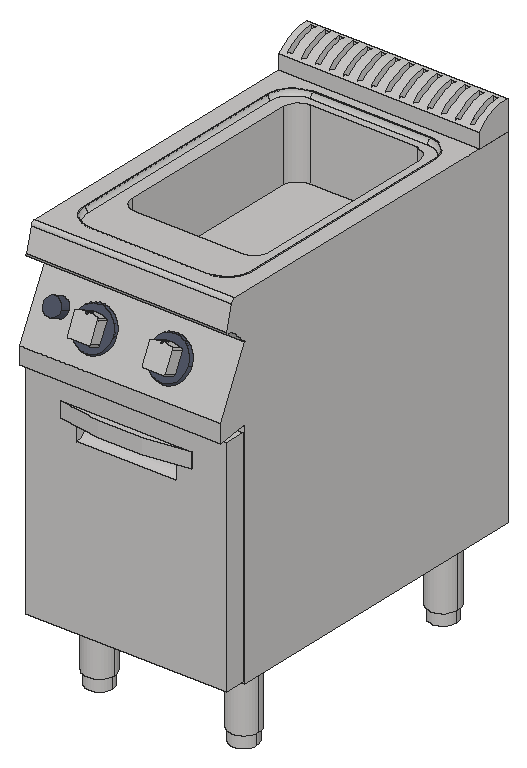
Revit family "QF_ZANUSSI_372090_Z7PCGD1KF0", category Specialty Equipment, Revit 2018
Family settings
  Round Connector Dimension = Use Diameter
  Part Type = Normal
  Work Plane-Based = No
  Always vertical = Yes
  Cut with Voids When Loaded = No
  Shared = No
  Room Calculation Point = No
Parameters
  Width = 400 mm  # constant formula
  Weight in Pounds = 110  # constant formula
  Weight = 0.00 kg
  Watts = 0 W
  Waste Water Discharge Temperature [instance] = -459.67 °F
  Volts = 0 V
  URL Manufacturer = "http://www.zanussiprofessional.com"
  URL Cutsheet = "www.electrolux.com/foodservice"
  URL = "http://www.zanussiprofessional.com"
  Type Mark [instance] = ""
  Steam Supply Size = 0"
  Steam Supply Minimum Pressure = 0.00 psi
  Steam Supply Maximum Pressure = 0.00 psi
  Steam Pounds per Hour = 0
  Status [instance] = ""
  Specification by User [instance] = ""
  Specification by Manufacturer = ""
  Show Logo [instance] = yes
  Show Clearance [instance] = yes
  Serial Number = ""
  Seismic Rating = ""
  SMACNA No = ""
  Revision Code [instance] = ""
  Refrigeration Suction Line Size = 0"
  Refrigeration Liquid Line Size = 0"
  Refrigerant Compressor Remote = yes
  Plumbing Remarks [instance] = ""
  Plumbing Connection Type [instance] = ""
  Phase = 0
  Omniclass Number and Title = ""
  NAFEM Spec ID Number = ""
  Model = "Z7PCGD1KF0"
  Mechanical Remarks [instance] = ""
  Mechanical Connection Type [instance] = ""
  Masterspec = ""
  Manufacturer = "Zanussi"
  Length Actual = 400 mm  # constant formula
  Item Number [instance] = "372090"
  Installed By [instance] = ""
  Indirect Waste Size = 1"  # constant formula
  Indirect Waste Flow [instance] = 0 GPM
  Indirect Waste Connection Type [instance] = ""
  Indirect Waste Connection Height = 0 mm
  Identify Quantity as Lot [instance] = yes
  Hot Water Size = 0"
  Height Actual = 850 mm  # constant formula
  Height = 333 mm  # constant formula
  HP = "0 HP"
  Gas Size = 1/2"
  Gas RI Height [instance] = 0 mm
  Gas KW [instance] = 11.5
  Gas Input [instance] = 0.336018 Btu/h
  Gas Connection Height = 0 mm
  Furnished By [instance] = ""
  Foodservice Equipment Identifier [instance] = yes
  Direct Waste Size = 1"
  Description = "1-WELL GAS PASTA COOKER 24,5 LT 400 MM"
  Depth Actual = 700 mm  # constant formula
  Depth = 715 mm  # constant formula
  Cycle = 0 Hz
  Condensate Return Size = 0"
  Compressed Air Volume = 0 GPM
  Compressed Air Size = 0"
  Compressed Air Pressure = 0.00 psi
  Cold Water Temperature Recommended [instance] = -459.67 °F
  Cold Water Size = 1/2"  # constant formula
  Cold Water RI Height [instance] = 0 mm
  Cold Water Minimum Pressure [instance] = 0.00 psi
  Cold Water Maximum Pressure [instance] = 0.00 psi
  Cold Water Flow [instance] = 0 GPM
  Cold Water Consumption [instance] = ""
  Cold Water Connection Height = 0 mm
  CSI MasterFormat = ""
  CSI Master Format = ""
  Base Height [instance] = 150 mm  # constant formula
  Accessory = yes
Reference planes
  plane 1 "BACK": y = 0
  plane 2: z = 0
  plane 3 "LEFT": x = 0
  plane 4 "RIGHT": x = 400
  plane 5 "FRONT": y = -715
  plane 6 "TOP": z = 908
  plane 7 "Center Y": x = 200
  plane 8 "Center X": y = -357.5
  plane 9 "BASE": z = 600
  plane 10 "TOP A": z = 850
  plane 11: y = -587.387
  plane 12: y = -90
  plane 13: z = 150
Forms (mm)
  Extrusion 1, solid, material "QF_Finishes_Stainless Steel"
    sketch origin (0, 0, 0) x (0, 1, 0) y (0, 0, 1)
      loop
        line (0, 850) -> (-679.358, 850)
        arc (-679.358, 850) -> (-684.643, 847.811) -> (-686.833, 842.526) r 7.474
        line (-686.833, 842.526) -> (-699.884, 797.011)
        arc (-699.884, 797.011) -> (-699.396, 794.379) -> (-697, 793.184) r 3
        line (-697, 793.184) -> (-686.802, 793.184) -> (-654.982, 761.364) -> (-715, 640.508) -> (-715, 605.508) -> (-658.645, 613.428)
        arc (-658.645, 613.428) -> (-656.101, 612.674) -> (-655, 610.259) r 3.2
        line (-655, 610.259) -> (-655, 150) -> (0, 150) -> (0, 850)
      loop
        line (-700, 600) -> (-700, 155) -> (-660, 155) -> (-660, 600) -> (-700, 600)
    from 0 to 400
  Extrusion 2, void
    sketch origin (0, 0, 850) x (-1, 0, 0) y (0, -1, 0)
      loop
        arc (-83.338, 90.124) -> (-47.982, 104.769) -> (-33.338, 140.124) r 50
        line (-33.338, 140.124) -> (-33.338, 595.265)
        arc (-33.338, 595.265) -> (-47.982, 630.62) -> (-83.338, 645.265) r 50
        line (-83.338, 645.265) -> (-316.662, 645.265)
        arc (-316.662, 645.265) -> (-352.018, 630.62) -> (-366.662, 595.265) r 50
        line (-366.662, 595.265) -> (-366.662, 140.124)
        arc (-366.662, 140.124) -> (-352.018, 104.769) -> (-316.662, 90.124) r 50
        line (-316.662, 90.124) -> (-83.338, 90.124)
    from 0 to -152.4
  Extrusion 3, solid, material "QF_Finishes_Clearance", visible <- "Show Clearance", detail levels coarse
    sketch origin (0, 0, 0) x (1, 0, 0) y (0, 1, 0)
      loop
        line (0, -715) -> (0, 0) -> (400, 0) -> (400, -715) -> (550.019, -715) -> (550.019, 150.019) -> (-150.019, 150.019) -> (-150.019, -715) -> (0, -715)
    from 0 to 908
  Revolve 4, solid, material "QF_Finishes_Stainless Steel"
    sketch origin (0, -587.387, 608.09) x (0, 0, 1) y (-1, 0, 0)
      loop
        line (-608.09, -56) -> (-458.09, -56) -> (-458.09, -26) -> (-583.09, -26) -> (-583.09, -29.75) -> (-608.09, -29.75) -> (-608.09, -56)
      axis (-608.09, -56) -> (-458.09, -56)
    angle from 0 to 360
  Revolve 5, solid, material "QF_Finishes_Stainless Steel"
    sketch origin (400.05, -587.387, 608.09) x (0, 0, 1) y (-1, 0, 0)
      loop
        line (-608.09, 56.05) -> (-608.09, 29.8) -> (-583.09, 29.8) -> (-583.09, 26.05) -> (-458.09, 26.05) -> (-458.09, 56.05) -> (-608.09, 56.05)
      axis (-608.09, 56.05) -> (-458.09, 56.05)
    angle from 0 to 360
  Revolve 6, solid, material "QF_Finishes_Stainless Steel"
    sketch origin (0, -90, 608.09) x (0, 0, 1) y (-1, 0, 0)
      loop
        line (-608.09, -56) -> (-458.09, -56) -> (-458.09, -26) -> (-583.09, -26) -> (-583.09, -29.75) -> (-608.09, -29.75) -> (-608.09, -56)
      axis (-608.09, -56) -> (-458.09, -56)
    angle from 0 to 360
  Revolve 7, solid, material "QF_Finishes_Stainless Steel"
    sketch origin (400.05, -90, 608.09) x (0, 0, 1) y (-1, 0, 0)
      loop
        line (-608.09, 56.05) -> (-608.09, 29.8) -> (-583.09, 29.8) -> (-583.09, 26.05) -> (-458.09, 26.05) -> (-458.09, 56.05) -> (-608.09, 56.05)
      axis (-608.09, 56.05) -> (-458.09, 56.05)
    angle from 0 to 360
  Extrusion 8, solid, material "QF_Finishes_Stainless Steel"
    sketch origin (-77.88, -4572, 150) x (-1, 0, 0) y (0, -1, 0)
      loop
        circle (-142.88, -4069) r 6.35
      loop
        circle (-309.855, -3991) r 12.7
    from 0 to -12.7
  Extrusion 9, solid, material "QF_Finishes_Stainless Steel"
    sketch origin (-77.88, -4572, 850) x (-1, 0, 0) y (0, -1, 0)
      loop
        line (-111.217, -4431.876) -> (-111.217, -3976.735)
        arc (-111.217, -3976.735) -> (-125.862, -3941.38) -> (-161.217, -3926.735) r 50
        line (-161.217, -3926.735) -> (-394.542, -3926.735)
        arc (-394.542, -3926.735) -> (-429.897, -3941.38) -> (-444.542, -3976.735) r 50
        line (-444.542, -3976.735) -> (-444.542, -4431.876)
        arc (-444.542, -4431.876) -> (-429.897, -4467.231) -> (-394.542, -4481.876) r 50
        line (-394.542, -4481.876) -> (-161.217, -4481.876)
        arc (-161.217, -4481.876) -> (-125.862, -4467.231) -> (-111.217, -4431.876) r 50
      loop
        arc (-414.542, -4431.876) -> (-405.755, -4453.089) -> (-384.542, -4461.876) r 30
        line (-384.542, -4461.876) -> (-171.217, -4461.876)
        arc (-171.217, -4461.876) -> (-150.004, -4453.089) -> (-141.217, -4431.876) r 30
        line (-141.217, -4431.876) -> (-141.217, -4056.735)
        arc (-141.217, -4056.735) -> (-150.004, -4035.522) -> (-171.217, -4026.735) r 30
        line (-171.217, -4026.735) -> (-384.542, -4026.735)
        arc (-384.542, -4026.735) -> (-405.755, -4035.522) -> (-414.542, -4056.735) r 30
        line (-414.542, -4056.735) -> (-414.542, -4431.876)
    from -12.7 to -152.4
  Sweep 10, solid, material "QF_Finishes_Stainless Steel"
    path origin (0, 0, 850) x (-1, 0, 0) y (0, -1, 0)
      loop
        line (-33.338, 140.124) -> (-33.338, 595.265)
        arc (-33.338, 595.265) -> (-47.982, 630.62) -> (-83.338, 645.265) r 50
        line (-83.338, 645.265) -> (-316.662, 645.265)
        arc (-316.662, 645.265) -> (-352.018, 630.62) -> (-366.662, 595.265) r 50
        line (-366.662, 595.265) -> (-366.662, 140.124)
        arc (-366.662, 140.124) -> (-352.018, 104.769) -> (-316.662, 90.124) r 50
        line (-316.662, 90.124) -> (-83.338, 90.124)
        arc (-83.338, 90.124) -> (-47.982, 104.769) -> (-33.338, 140.124) r 50
    profile origin (33.338, -367.694, 850) x (1, 0, 0) y (0, 0, 1)
      loop
        line (0, 0) -> (0, -10.84) -> (5.055, -10.84)
        arc (5.055, -10.84) -> (1.326, -5.98) -> (0, 0) r 14.151
  Extrusion 11, solid, material "QF_Finishes_Stainless Steel"
    sketch origin (0, 0, 0.762) x (0, 1, 0) y (0, 0, 1)
      loop
        line (0, 849.238) -> (0, 907.238)
        arc (0, 907.238) -> (-38.078, 899.879) -> (-69.85, 877.638) r 93.057
        line (-69.85, 877.638) -> (-69.85, 849.238) -> (0, 849.238)
    from 0 to 400.05
  Extrusion 12, void
    sketch origin (0, 0, 851) x (-1, 0, 0) y (0, -1, 0)
      loop
        line (-13.453, 6.761) -> (-13.453, 63.911) -> (-22.749, 63.911) -> (-22.749, 6.761) -> (-13.453, 6.761)
    from 25.4 to 63.5
  Extrusion 13, void
    sketch origin (400.05, 0, 851) x (1, 0, 0) y (0, 1, 0)
      loop
        line (-13.503, -6.761) -> (-22.799, -6.761) -> (-22.799, -63.911) -> (-13.503, -63.911) -> (-13.503, -6.761)
    from 25.4 to 63.5
  Extrusion 14, void
    sketch origin (27.988, 0, 851) x (-1, 0, 0) y (0, -1, 0)
      loop
        line (-13.453, 6.761) -> (-13.453, 63.911) -> (-22.749, 63.911) -> (-22.749, 6.761) -> (-13.453, 6.761)
    from 25.4 to 63.5
  Extrusion 15, void
    sketch origin (55.977, 0, 851) x (-1, 0, 0) y (0, -1, 0)
      loop
        line (-13.453, 6.761) -> (-13.453, 63.911) -> (-22.749, 63.911) -> (-22.749, 6.761) -> (-13.453, 6.761)
    from 25.4 to 63.5
  Extrusion 16, void
    sketch origin (83.965, 0, 851) x (-1, 0, 0) y (0, -1, 0)
      loop
        line (-13.428, 6.761) -> (-13.428, 63.911) -> (-22.724, 63.911) -> (-22.724, 6.761) -> (-13.428, 6.761)
    from 25.4 to 63.5
  Extrusion 17, void
    sketch origin (111.953, 0, 851) x (-1, 0, 0) y (0, -1, 0)
      loop
        line (-13.428, 6.761) -> (-13.428, 63.911) -> (-22.724, 63.911) -> (-22.724, 6.761) -> (-13.428, 6.761)
    from 25.4 to 63.5
  Extrusion 18, void
    sketch origin (139.942, 0, 851) x (-1, 0, 0) y (0, -1, 0)
      loop
        line (-13.428, 6.761) -> (-13.428, 63.911) -> (-22.724, 63.911) -> (-22.724, 6.761) -> (-13.428, 6.761)
    from 25.4 to 63.5
  Extrusion 19, void
    sketch origin (167.93, 0, 851) x (-1, 0, 0) y (0, -1, 0)
      loop
        line (-13.428, 6.761) -> (-13.428, 63.911) -> (-22.724, 63.911) -> (-22.724, 6.761) -> (-13.428, 6.761)
    from 25.4 to 63.5
  Extrusion 20, void
    sketch origin (195.918, 0, 851) x (-1, 0, 0) y (0, -1, 0)
      loop
        line (-13.428, 6.761) -> (-13.428, 63.911) -> (-22.724, 63.911) -> (-22.724, 6.761) -> (-13.428, 6.761)
    from 25.4 to 63.5
  Extrusion 21, void
    sketch origin (223.907, 0, 851) x (-1, 0, 0) y (0, -1, 0)
      loop
        line (-13.428, 6.761) -> (-13.428, 63.911) -> (-22.724, 63.911) -> (-22.724, 6.761) -> (-13.428, 6.761)
    from 25.4 to 63.5
  Extrusion 22, void
    sketch origin (251.895, 0, 851) x (-1, 0, 0) y (0, -1, 0)
      loop
        line (-13.428, 6.761) -> (-13.428, 63.911) -> (-22.724, 63.911) -> (-22.724, 6.761) -> (-13.428, 6.761)
    from 25.4 to 63.5
  Extrusion 23, void
    sketch origin (279.884, 0, 851) x (-1, 0, 0) y (0, -1, 0)
      loop
        line (-13.403, 6.761) -> (-13.403, 63.911) -> (-22.699, 63.911) -> (-22.699, 6.761) -> (-13.403, 6.761)
    from 25.4 to 63.5
  Extrusion 24, void
    sketch origin (307.872, 0, 851) x (-1, 0, 0) y (0, -1, 0)
      loop
        line (-13.403, 6.761) -> (-13.403, 63.911) -> (-22.699, 63.911) -> (-22.699, 6.761) -> (-13.403, 6.761)
    from 25.4 to 63.5
  Extrusion 25, void
    sketch origin (335.86, 0, 851) x (-1, 0, 0) y (0, -1, 0)
      loop
        line (-13.403, 6.761) -> (-13.403, 63.911) -> (-22.699, 63.911) -> (-22.699, 6.761) -> (-13.403, 6.761)
    from 25.4 to 63.5
  Extrusion 26, solid, material "QF_Finishes_Stainless Steel"
    sketch origin (-77.88, -4572, 150) x (-1, 0, 0) y (0, -1, 0)
      loop
        circle (-412.88, -4071) r 6.35
    from 50 to 48.4
  Extrusion 27, solid, material "QF_Plastic-Black-Matte"
    sketch origin (67.5, -684.991, 700.936) x (0, 0.444781, 0.895639) y (0, 0.895639, -0.444781)
      loop
        line (26.984, -34) -> (23.984, -34) -> (23.984, -35) -> (26.984, -35)
        arc (26.984, -35) -> (27.691, -34.707) -> (27.984, -34) r 1
        line (27.984, -34) -> (27.984, -19) -> (26.984, -19) -> (26.984, -34)
    from -58.5 to -56.5
  Extrusion 28, solid, material "QF_Finishes_Stainless Steel"
    sketch origin (125, -684.991, 700.936) x (-1, 0, 0) y (0, -0.444781, -0.895639)
      loop
        line (17.5, -17.5) -> (17.5, 17.5) -> (-17.5, 17.5) -> (-17.5, -17.5) -> (17.5, -17.5)
    from 5 to 10
  Extrusion 29, solid, material "QF_Finishes_Stainless Steel"
    sketch origin (125, -684.991, 700.936) x (-1, 0, 0) y (0, -0.444781, -0.895639)
      loop
        arc (-21.147, -22.789) -> (0, -26.984) -> (21.147, -22.789) r 55.4
        arc (21.147, -22.789) -> (22.494, -21.685) -> (23, -20.019) r 2.997
        line (23, -20.019) -> (23, 20.019)
        arc (23, 20.019) -> (22.122, 22.138) -> (20.003, 23.016) r 2.997
        line (20.003, 23.016) -> (-20.003, 23.016)
        arc (-20.003, 23.016) -> (-22.122, 22.138) -> (-23, 20.019) r 2.997
        line (-23, 20.019) -> (-23, -20.019)
        arc (-23, -20.019) -> (-22.494, -21.685) -> (-21.147, -22.789) r 2.997
    from 10 to 34
  Blend 30, solid, material "QF_Finishes_Navy Blue"
    base sketch origin (125, -684.991, 700.936) x (1, 0, 0) y (0, 0.444781, 0.895639)
      loop
        circle (0, 0) r 42.5
    top sketch origin (125, -684.991, 700.936) x (1, 0, 0) y (0, 0.444781, 0.895639)
      loop
        circle (0, 0) r 40.5
    from 0 to 5
  Extrusion 31, solid, material "QF_Finishes_Navy Blue"
    sketch origin (107.51, -679.639, 711.713) x (1, 0, 0) y (0, 0.444781, 0.895639)
      loop
        circle (-55.001, 0) r 18
    from 3 to 23
  Extrusion 32, solid, material "QF_Finishes_Stainless Steel"
    sketch origin (-31.491, -679.639, 711.713) x (1, 0, 0) y (0, 0.444781, 0.895639)
      loop
        circle (84, 0) r 15
    from 3 to 0
  Extrusion 33, solid, material "QF_Plastic-Black-Matte"
    sketch origin (217.5, -684.991, 700.936) x (0, 0.444781, 0.895639) y (0, 0.895639, -0.444781)
      loop
        line (26.984, -34) -> (23.984, -34) -> (23.984, -35) -> (26.984, -35)
        arc (26.984, -35) -> (27.691, -34.707) -> (27.984, -34) r 1
        line (27.984, -34) -> (27.984, -19) -> (26.984, -19) -> (26.984, -34)
    from -58.5 to -56.5
  Extrusion 34, solid, material "QF_Finishes_Stainless Steel"
    sketch origin (275, -684.991, 700.936) x (-1, 0, 0) y (0, -0.444781, -0.895639)
      loop
        line (17.5, -17.5) -> (17.5, 17.5) -> (-17.5, 17.5) -> (-17.5, -17.5) -> (17.5, -17.5)
    from 5 to 10
  Extrusion 35, solid, material "QF_Finishes_Stainless Steel"
    sketch origin (275, -684.991, 700.936) x (-1, 0, 0) y (0, -0.444781, -0.895639)
      loop
        arc (-21.147, -22.789) -> (0, -26.984) -> (21.147, -22.789) r 55.4
        arc (21.147, -22.789) -> (22.494, -21.685) -> (23, -20.019) r 2.997
        line (23, -20.019) -> (23, 20.019)
        arc (23, 20.019) -> (22.122, 22.138) -> (20.003, 23.016) r 2.997
        line (20.003, 23.016) -> (-20.003, 23.016)
        arc (-20.003, 23.016) -> (-22.122, 22.138) -> (-23, 20.019) r 2.997
        line (-23, 20.019) -> (-23, -20.019)
        arc (-23, -20.019) -> (-22.494, -21.685) -> (-21.147, -22.789) r 2.997
    from 10 to 34
  Blend 36, solid, material "QF_Finishes_Navy Blue"
    base sketch origin (275, -684.991, 700.936) x (1, 0, 0) y (0, 0.444781, 0.895639)
      loop
        circle (0, 0) r 42.5
    top sketch origin (275, -684.991, 700.936) x (1, 0, 0) y (0, 0.444781, 0.895639)
      loop
        circle (0, 0) r 40.5
    from 0 to 5
  Extrusion 37, solid, material "QF_Finishes_Door Clearance", visible <- "Show Clearance", detail levels coarse
    sketch origin (0, 0, 850) x (-1, 0, 0) y (0, -1, 0)
      loop
        arc (0, 672.137) -> (-117.157, 954.98) -> (-400, 1072.137) r 400
        line (-400, 1072.137) -> (-400, 672.137) -> (0, 672.137)
    from -695 to -250
  Extrusion 38, solid, material "QF_Finishes_Stainless Steel"
    sketch origin (-77.88, -4572, 130) x (-1, 0, 0) y (0, -1, 0)
      loop
        arc (-147.606, -3871.085) -> (-277.88, -3857) -> (-408.153, -3871.085) r 609.497
        line (-408.153, -3871.085) -> (-408.153, -3872) -> (-147.606, -3872) -> (-147.606, -3871.085)
    from 400 to 430
  Extrusion 39, void
    sketch origin (200, -27.863, -20) x (0, 1, 0) y (0, 0, 1)
      loop
        line (-672.137, 567) -> (-672.137, 517)
        arc (-672.137, 517) -> (-656.47, 524.721) -> (-650.137, 541) r 24.091
        line (-650.137, 541) -> (-650.137, 567) -> (-672.137, 567)
    from -100 to 100
Cuts and joins
  Extrusion 2, Extrusion 39 cuts Extrusion 1
  Extrusion 12, Extrusion 13, Extrusion 14, Extrusion 15, Extrusion 16, Extrusion 17, Extrusion 18, Extrusion 19, Extrusion 20, Extrusion 21, Extrusion 22, Extrusion 23, Extrusion 24, Extrusion 25 cuts Extrusion 3
  Extrusion 12, Extrusion 13, Extrusion 14, Extrusion 15, Extrusion 16, Extrusion 17, Extrusion 18, Extrusion 19, Extrusion 20, Extrusion 21, Extrusion 22, Extrusion 23, Extrusion 24, Extrusion 25 cuts Extrusion 11
Lines and regions (mm)
  Split face 1
    outline origin (125, -689.469, 703.16) x (1, 0, 0) y (0, 0.444781, 0.895639)
      loop
        circle (0, 34.714) r 1.714
  Split face 2
    outline origin (125, -689.469, 703.16) x (1, 0, 0) y (0, 0.444781, 0.895639)
      loop
        circle (-17.357, 30.063) r 2
  Split face 3
    outline origin (125, -689.469, 703.16) x (1, 0, 0) y (0, 0.444781, 0.895639)
      loop
        circle (17.357, 30.063) r 2
  Split face 4
    outline origin (125, -689.469, 703.16) x (1, 0, 0) y (0, 0.444781, 0.895639)
      loop
        line (-23.985, -28.584) -> (-20.542, -24.481)
        arc (-20.542, -24.481) -> (-27.511, -15.911) -> (-31.231, -5.511) r 32.719
        line (-31.231, -5.511) -> (-37.141, -6.549)
        arc (-37.141, -6.549) -> (-32.568, -18.764) -> (-23.985, -28.584) r 36.411
  Split face 5
    outline origin (125, -689.469, 703.16) x (1, 0, 0) y (0, 0.444781, 0.895639)
      loop
        arc (20.441, -26.163) -> (0.211, -32.559) -> (-19.689, -25.201) r 32.719
        line (-19.689, -25.201) -> (-22.952, -29.377)
        arc (-22.952, -29.377) -> (-0.277, -36.495) -> (21.959, -28.107) r 36.411
        line (21.959, -28.107) -> (20.441, -26.163)
  Split face 6
    outline origin (125, -689.469, 703.16) x (1, 0, 0) y (0, 0.444781, 0.895639)
      loop
        line (21.361, -25.457) -> (22.903, -27.295)
        arc (22.903, -27.295) -> (31.935, -14.958) -> (35.104, 0) r 36.411
        line (35.104, 0) -> (33.714, 0)
        arc (33.714, 0) -> (30.431, -14.133) -> (21.361, -25.457) r 32.719
  Split face 7
    outline origin (125, -689.469, 703.16) x (1, 0, 0) y (0, 0.444781, 0.895639)
      loop
        arc (-37.695, 1.149) -> (-34.899, -3.19) -> (-31.619, 0.795) r 3.195
        line (-31.619, 0.795) -> (-32.379, 3.751)
        arc (-32.379, 3.751) -> (-34.462, 5.448) -> (-36.693, 3.952) r 2.258
        line (-36.693, 3.952) -> (-37.695, 1.149)
  Split face 8
    outline origin (275, -689.469, 703.16) x (1, 0, 0) y (0, 0.444781, 0.895639)
      loop
        arc (-0.521, 36.501) -> (-26.491, 26.394) -> (-37.708, 0.884) r 36.411
        line (-37.708, 0.884) -> (-31.708, 0.884)
        arc (-31.708, 0.884) -> (-21.998, 23.844) -> (-0.521, 36.501) r 39.733
  symbolic lines, style "QF-Clearances", visible <- "Show Clearance", detail levels coarse
    curve 1: line (-150.019, 150.019, 850) -> (-150.019, -716.377, 850)
    curve 2: line (550.019, 150.019, 850) -> (-150.019, 150.019, 850)
    curve 3: line (550.019, -716.377, 850) -> (550.019, 150.019, 850)
  symbolic lines
    curve 4: line (0, 0, 850) -> (400, 0, 850)
    curve 5: line (0, -715, 850) -> (0, 0, 850)
    curve 6: line (400, 0, 850) -> (400, -715, 850)
    curve 7: line (0, -69.85, 850) -> (0, -63.012, 850)
    curve 10: line (93.313, -110.124, 850) -> (306.663, -110.124, 850)
    curve 11: arc (306.663, -110.124, 850) -> (327.876, -118.911, 850) -> (336.663, -140.124, 850) r 30
    curve 12: line (336.663, -140.124, 850) -> (336.663, -515.265, 850)
    curve 13: arc (336.663, -515.265, 850) -> (327.876, -536.478, 850) -> (306.663, -545.265, 850) r 30
    curve 14: arc (93.338, -545.265, 850) -> (72.124, -536.478, 850) -> (63.338, -515.265, 850) r 30
    curve 15: line (63.338, -515.265, 850) -> (63.338, -140.099, 850)
    curve 16: arc (63.338, -140.099, 850) -> (72.117, -118.904, 850) -> (93.313, -110.124, 850) r 29.975
    curve 17: arc (83.313, -95.179, 850) -> (51.549, -108.336, 850) -> (38.392, -140.099, 850) r 44.92
    curve 18: line (38.392, -140.099, 850) -> (38.392, -595.265, 850)
    curve 19: arc (38.392, -595.265, 850) -> (51.556, -627.046, 850) -> (83.338, -640.21, 850) r 44.945
    curve 20: arc (316.663, -640.21, 850) -> (348.444, -627.046, 850) -> (361.608, -595.265, 850) r 44.945
    curve 21: line (361.608, -595.265, 850) -> (361.608, -140.124, 850)
    curve 22: arc (361.608, -140.124, 850) -> (348.444, -108.343, 850) -> (316.663, -95.179, 850) r 44.945
    curve 23: arc (83.313, -90.124, 850) -> (47.975, -104.761, 850) -> (33.338, -140.099, 850) r 49.975
    curve 24: line (33.338, -140.099, 850) -> (33.338, -595.265, 850)
    curve 25: arc (33.338, -595.265, 850) -> (47.982, -630.62, 850) -> (83.338, -645.265, 850) r 50
    curve 26: arc (316.663, -645.265, 850) -> (352.018, -630.62, 850) -> (366.663, -595.265, 850) r 50
    curve 27: line (366.663, -595.265, 850) -> (366.663, -140.124, 850)
    curve 28: arc (366.663, -140.124, 850) -> (352.018, -104.769, 850) -> (316.663, -90.124, 850) r 50
    curve 29: line (316.663, -90.124, 850) -> (79.418, -90.124, 850)
    curve 30: line (83.338, -645.265, 850) -> (316.663, -645.265, 850)
    curve 31: line (83.338, -640.21, 850) -> (316.663, -640.21, 850)
    curve 32: line (306.663, -545.265, 850) -> (93.338, -545.265, 850)
    curve 33: line (316.663, -95.179, 850) -> (83.313, -95.179, 850)
    curve 34: line (0, -69.85, 850) -> (400, -69.85, 850)
    curve 35: line (22.724, -6.761, 850) -> (22.724, -63.911, 850)
    curve 36: line (22.724, -63.911, 850) -> (13.428, -63.911, 850)
    curve 37: line (13.428, -63.911, 850) -> (13.428, -6.761, 850)
    curve 38: line (13.428, -6.761, 850) -> (22.724, -6.761, 850)
    curve 39: line (386.547, -6.761, 850) -> (386.547, -63.911, 850)
    curve 40: line (386.547, -63.911, 850) -> (377.251, -63.911, 850)
    curve 41: line (377.251, -63.911, 850) -> (377.251, -6.761, 850)
    curve 42: line (377.251, -6.761, 850) -> (386.547, -6.761, 850)
    curve 43: line (50.712, -6.761, 850) -> (50.712, -63.911, 850)
    curve 44: line (50.712, -63.911, 850) -> (41.416, -63.911, 850)
    curve 45: line (41.416, -63.911, 850) -> (41.416, -6.761, 850)
    curve 46: line (41.416, -6.761, 850) -> (50.712, -6.761, 850)
    curve 47: line (78.7, -6.761, 850) -> (78.7, -63.911, 850)
    curve 48: line (78.7, -63.911, 850) -> (69.405, -63.911, 850)
    curve 49: line (69.405, -63.911, 850) -> (69.405, -6.761, 850)
    curve 50: line (69.405, -6.761, 850) -> (78.7, -6.761, 850)
    curve 51: line (106.689, -6.761, 850) -> (106.689, -63.911, 850)
    curve 52: line (106.689, -63.911, 850) -> (97.393, -63.911, 850)
    curve 53: line (97.393, -63.911, 850) -> (97.393, -6.761, 850)
    curve 54: line (97.393, -6.761, 850) -> (106.689, -6.761, 850)
    curve 55: line (134.677, -6.761, 850) -> (134.677, -63.911, 850)
    curve 56: line (134.677, -63.911, 850) -> (125.381, -63.911, 850)
    curve 57: line (125.381, -63.911, 850) -> (125.381, -6.761, 850)
    curve 58: line (125.381, -6.761, 850) -> (134.677, -6.761, 850)
    curve 59: line (162.665, -6.761, 850) -> (162.665, -63.911, 850)
    curve 60: line (162.665, -63.911, 850) -> (153.37, -63.911, 850)
    curve 61: line (153.37, -63.911, 850) -> (153.37, -6.761, 850)
    curve 62: line (153.37, -6.761, 850) -> (162.665, -6.761, 850)
    curve 63: line (190.654, -6.761, 850) -> (190.654, -63.911, 850)
    curve 64: line (190.654, -63.911, 850) -> (181.358, -63.911, 850)
    curve 65: line (181.358, -63.911, 850) -> (181.358, -6.761, 850)
    curve 66: line (181.358, -6.761, 850) -> (190.654, -6.761, 850)
    curve 67: line (218.642, -6.761, 850) -> (218.642, -63.911, 850)
    curve 68: line (218.642, -63.911, 850) -> (209.346, -63.911, 850)
    curve 69: line (209.346, -63.911, 850) -> (209.346, -6.761, 850)
    curve 70: line (209.346, -6.761, 850) -> (218.642, -6.761, 850)
    curve 71: line (246.605, -6.761, 850) -> (246.605, -63.911, 850)
    curve 72: line (246.605, -63.911, 850) -> (237.31, -63.911, 850)
    curve 73: line (237.31, -63.911, 850) -> (237.31, -6.761, 850)
    curve 74: line (237.31, -6.761, 850) -> (246.605, -6.761, 850)
    curve 75: line (274.594, -6.761, 850) -> (274.594, -63.911, 850)
    curve 76: line (274.594, -63.911, 850) -> (265.298, -63.911, 850)
    curve 77: line (265.298, -63.911, 850) -> (265.298, -6.761, 850)
    curve 78: line (265.298, -6.761, 850) -> (274.594, -6.761, 850)
    curve 79: line (302.582, -6.761, 850) -> (302.582, -63.911, 850)
    curve 80: line (302.582, -63.911, 850) -> (293.286, -63.911, 850)
    curve 81: line (293.286, -63.911, 850) -> (293.286, -6.761, 850)
    curve 82: line (293.286, -6.761, 850) -> (302.582, -6.761, 850)
    curve 83: line (330.57, -6.761, 850) -> (330.57, -63.911, 850)
    curve 84: line (330.57, -63.911, 850) -> (321.275, -63.911, 850)
    curve 85: line (321.275, -63.911, 850) -> (321.275, -6.761, 850)
    curve 86: line (321.275, -6.761, 850) -> (330.57, -6.761, 850)
    curve 87: line (358.559, -6.761, 850) -> (358.559, -63.911, 850)
    curve 88: line (358.559, -63.911, 850) -> (349.263, -63.911, 850)
    curve 89: line (349.263, -63.911, 850) -> (349.263, -6.761, 850)
    curve 90: line (349.263, -6.761, 850) -> (358.559, -6.761, 850)
    curve 91: line (0, -700, 0) -> (400.05, -700, 0)
    curve 92: line (102, -700, 0) -> (102, -724.347, 0)
    curve 93: arc (102, -724.347, 0) -> (102.146, -724.811, 0) -> (102.532, -725.107, 0) r 0.809
    curve 94: arc (102.532, -725.107, 0) -> (103.72, -725.587, 0) -> (104.997, -725.68, 0) r 4.127
    curve 95: arc (102, -704.292, 0) -> (96.959, -702.458, 0) -> (92.191, -700, 0) r 42.24
    curve 96: arc (102, -706.539, 0) -> (102.502, -705.818, 0) -> (103.299, -705.448, 0) r 1.682
    curve 97: arc (103.299, -705.448, 0) -> (113.602, -703.95, 0) -> (124, -703.441, 0) r 109.079
    curve 98: line (124, -700, 0) -> (124, -705.671, 0)
    curve 99: line (124, -705.671, 0) -> (126, -705.671, 0)
    curve 100: line (126, -705.671, 0) -> (126, -700, 0)
    curve 101: line (148, -700, 0) -> (148, -724.347, 0)
    curve 102: arc (148, -724.347, 0) -> (147.854, -724.811, 0) -> (147.468, -725.107, 0) r 0.809
    curve 103: arc (147.468, -725.107, 0) -> (146.28, -725.587, 0) -> (145.003, -725.68, 0) r 4.127
    curve 104: arc (148, -704.292, 0) -> (153.041, -702.458, 0) -> (157.809, -700, 0) r 42.24
    curve 105: arc (148, -706.539, 0) -> (147.498, -705.818, 0) -> (146.701, -705.448, 0) r 1.682
    curve 106: arc (146.701, -705.448, 0) -> (136.398, -703.95, 0) -> (126, -703.441, 0) r 109.079
    curve 107: line (104.997, -725.68, 0) -> (145.003, -725.68, 0)
    curve 108: line (298, -700, 0) -> (298, -724.347, 0)
    curve 109: arc (298, -724.347, 0) -> (297.854, -724.811, 0) -> (297.468, -725.107, 0) r 0.809
    curve 110: arc (297.468, -725.107, 0) -> (296.28, -725.587, 0) -> (295.003, -725.68, 0) r 4.127
    curve 111: arc (298, -704.292, 0) -> (303.041, -702.458, 0) -> (307.809, -700, 0) r 42.24
    curve 112: arc (298, -706.539, 0) -> (297.498, -705.818, 0) -> (296.701, -705.448, 0) r 1.682
    curve 113: arc (296.701, -705.448, 0) -> (286.398, -703.95, 0) -> (276, -703.441, 0) r 109.079
    curve 114: line (276, -700, 0) -> (276, -705.671, 0)
    curve 115: line (276, -705.671, 0) -> (274, -705.671, 0)
    curve 116: line (274, -705.671, 0) -> (274, -700, 0)
    curve 117: line (252, -700, 0) -> (252, -724.347, 0)
    curve 118: arc (252, -724.347, 0) -> (252.146, -724.811, 0) -> (252.532, -725.107, 0) r 0.809
    curve 119: arc (252.532, -725.107, 0) -> (253.72, -725.587, 0) -> (254.997, -725.68, 0) r 4.127
    curve 120: arc (252, -704.292, 0) -> (246.959, -702.458, 0) -> (242.191, -700, 0) r 42.24
    curve 121: arc (252, -706.539, 0) -> (252.502, -705.818, 0) -> (253.299, -705.448, 0) r 1.682
    curve 122: arc (253.299, -705.448, 0) -> (263.602, -703.95, 0) -> (274, -703.441, 0) r 109.079
    curve 123: line (295.003, -725.68, 0) -> (254.997, -725.68, 0)
    curve 124: line (148, -715, 0) -> (252, -715, 0)
    curve 125: line (298, -715, 0) -> (400.05, -715, 0)
    curve 126: line (0, -715, 0) -> (102, -715, 0)
    curve 127: spline (34.509, -700.239, 850) -> (35.123, -702.311, 850) -> (36.921, -704.242, 850) -> (39.781, -705.9, 850) -> (43.509, -707.172, 850) -> (47.851, -707.972, 850) -> (52.509, -708.245, 850) -> (57.168, -707.972, 850) -> (61.509, -707.172, 850) -> (65.237, -705.9, 850) -> (68.098, -704.242, 850) -> (69.896, -702.311, 850) -> (70.509, -700.239, 850)
  symbolic lines, style "QF-Door Swings"
    curve 8: arc (2.303, -715, 850) -> (19.743, -796.254, 850) -> (53.597, -872.15, 850) r 400
    curve 9: line (53.597, -872.15, 850) -> (325.76, -715, 850)
Dimensions and locks
  equal spacing: plane 3 "LEFT", plane 7 "Center Y", plane 4 "RIGHT"
  "Width": plane 3 "LEFT" to plane 4 "RIGHT"
  equal spacing: plane 5 "FRONT", plane 8 "Center X", plane 1 "BACK"
  "Depth": plane 5 "FRONT" to plane 1 "BACK"
  plane 1 "BACK" to plane 5 "FRONT" = 715 mm
  plane 10 "TOP A" to plane 9 "BASE" = 250 mm
  "Base Height": plane 13 to level
  plane 10 "TOP A" to plane 13 = 700 mm
  Extrusion 8 sketch curve to plane 1 "BACK" = 503 mm
  plane 3 "LEFT" to Extrusion 8 sketch curve = 65 mm
  Extrusion 8 sketch curve to plane 1 "BACK" = 581 mm
  Extrusion 26 sketch curve to plane 1 "BACK" = 501 mm
  plane 9 "BASE" to plane 13 = 450 mm
  plane 6 "TOP" to plane 10 "TOP A" = 58 mm
  aligned and locked: level to plane 2
  aligned and locked: plane 4 "RIGHT" to Extrusion 1
  aligned and locked: plane 6 "TOP" to Extrusion 3
Automatic sketch dimensions
  plane 11 to Extrusion 2 sketch curve = 7.877 mm
  Extrusion 2 sketch curve to plane 4 "RIGHT" = 33.337 mm
  plane 11 to Extrusion 2 sketch curve = 57.877 mm
  plane 12 to Extrusion 2 sketch curve = 0.124 mm
  Extrusion 2 sketch curve to Extrusion 2 sketch curve = 50 mm
  plane 3 "LEFT" to Extrusion 2 sketch curve = 83.338 mm  (x2)
  plane 3 "LEFT" to Extrusion 2 sketch curve = 33.338 mm
  plane 1 "BACK" to Extrusion 3 sketch curve = 0 mm
  Extrusion 3 sketch curve to plane 3 "LEFT" = 0 mm
  Extrusion 3 sketch curve to plane 4 "RIGHT" = 0 mm
  Extrusion 3 sketch curve to plane 3 "LEFT" = 150.019 mm
  plane 5 "FRONT" to Extrusion 3 sketch curve = 0 mm  (x2)
  plane 4 "RIGHT" to Extrusion 3 sketch curve = 150.019 mm
  Extrusion 3 sketch curve to plane 1 "BACK" = 150.019 mm
  Revolve 4 sketch curve to level = 0 mm
  Revolve 4 sketch curve to plane 13 = 0 mm  (x2)
  level to Revolve 4 sketch curve = 25 mm
  Revolve 4 sketch curve to Revolve 4 sketch curve = 20 mm
  plane 3 "LEFT" to Revolve 4 sketch curve = 56 mm
  Revolve 4 sketch curve to Revolve 4 sketch curve = 0 mm
  plane 3 "LEFT" to Revolve 4 sketch curve = 29.75 mm
  plane 3 "LEFT" to Revolve 4 sketch curve = 26 mm
  Revolve 5 sketch curve to level = 0 mm
  Revolve 5 sketch curve to plane 13 = 0 mm  (x2)
  level to Revolve 5 sketch curve = 25 mm
  Revolve 5 sketch curve to Revolve 5 sketch curve = 20 mm
  Revolve 5 sketch curve to plane 4 "RIGHT" = 26 mm
  Revolve 5 sketch curve to Revolve 5 sketch curve = 3.75 mm
  Revolve 5 sketch curve to Revolve 5 sketch curve = 30 mm
  Revolve 5 sketch curve to Revolve 5 sketch curve = 0 mm
  Revolve 6 sketch curve to level = 0 mm
  Revolve 6 sketch curve to plane 13 = 0 mm  (x2)
  level to Revolve 6 sketch curve = 25 mm
  Revolve 6 sketch curve to Revolve 6 sketch curve = 20 mm
  plane 3 "LEFT" to Revolve 6 sketch curve = 56 mm
  Revolve 6 sketch curve to Revolve 6 sketch curve = 0 mm
  plane 3 "LEFT" to Revolve 6 sketch curve = 29.75 mm
  plane 3 "LEFT" to Revolve 6 sketch curve = 26 mm
  Revolve 7 sketch curve to level = 0 mm
  Revolve 7 sketch curve to plane 13 = 0 mm  (x2)
  level to Revolve 7 sketch curve = 25 mm
  Revolve 7 sketch curve to Revolve 7 sketch curve = 20 mm
  Revolve 7 sketch curve to plane 4 "RIGHT" = 26 mm
  Revolve 7 sketch curve to Revolve 7 sketch curve = 3.75 mm
  Revolve 7 sketch curve to Revolve 7 sketch curve = 30 mm
  Revolve 7 sketch curve to Revolve 7 sketch curve = 0 mm
  Extrusion 9 sketch curve to plane 4 "RIGHT" = 33.337 mm
  Extrusion 9 sketch curve to plane 4 "RIGHT" = 63.337 mm
  Extrusion 9 sketch curve to Extrusion 9 sketch curve = 20 mm
  plane 11 to Extrusion 9 sketch curve = 7.877 mm
  Extrusion 9 sketch curve to Extrusion 9 sketch curve = 50 mm
  Extrusion 9 sketch curve to Extrusion 9 sketch curve = 30 mm  (x3)
  Extrusion 9 sketch curve to Extrusion 9 sketch curve = 10 mm  (x2)
  Extrusion 9 sketch curve to plane 11 = 42.123 mm
  plane 3 "LEFT" to Extrusion 9 sketch curve = 93.338 mm  (x2)
  plane 12 to Extrusion 9 sketch curve = 50.124 mm
  plane 3 "LEFT" to Extrusion 9 sketch curve = 83.338 mm
  plane 12 to Extrusion 9 sketch curve = 0.124 mm
  plane 11 to Sweep 10 sketch curve = 7.877 mm  (x2)
  Sweep 10 sketch curve to plane 4 "RIGHT" = 33.337 mm
  plane 11 to Sweep 10 sketch curve = 57.877 mm
  plane 12 to Sweep 10 sketch curve = 0.124 mm
  Sweep 10 sketch curve to Sweep 10 sketch curve = 50 mm  (x2)
  plane 3 "LEFT" to Sweep 10 sketch curve = 83.338 mm
  profile plane to Sweep 10 sketch curve = 0 mm
  Sweep 10 sketch curve to plane 10 "TOP A" = 0 mm
  Sweep 10 sketch curve to profile plane = 5.055 mm
  Sweep 10 sketch curve to profile plane = 14.151 mm
  Extrusion 11 sketch curve to plane 10 "TOP A" = 0 mm
  Extrusion 11 sketch curve to plane 1 "BACK" = 0 mm
  plane 1 "BACK" to Extrusion 11 sketch curve = 1.769 mm
  Extrusion 11 sketch curve to plane 12 = 20.15 mm
  Extrusion 11 sketch curve to plane 10 "TOP A" = 35.04 mm
  plane 10 "TOP A" to Extrusion 11 sketch curve = 28.4 mm
  plane 1 "BACK" to Extrusion 12 sketch curve = 6.761 mm
  plane 3 "LEFT" to Extrusion 12 sketch curve = 22.749 mm
  Extrusion 12 sketch curve to Extrusion 12 sketch curve = 9.296 mm
  Extrusion 12 sketch curve to plane 12 = 26.089 mm
  Extrusion 13 sketch curve to plane 1 "BACK" = 6.761 mm
  plane 4 "RIGHT" to Extrusion 13 sketch curve = 22.749 mm
  Extrusion 13 sketch curve to Extrusion 13 sketch curve = 9.296 mm
  plane 12 to Extrusion 13 sketch curve = 26.089 mm
  plane 1 "BACK" to Extrusion 14 sketch curve = 6.761 mm
  plane 3 "LEFT" to Extrusion 14 sketch curve = 50.737 mm
  Extrusion 14 sketch curve to Extrusion 14 sketch curve = 9.296 mm
  Extrusion 14 sketch curve to plane 12 = 26.089 mm
  plane 1 "BACK" to Extrusion 15 sketch curve = 6.761 mm
  plane 3 "LEFT" to Extrusion 15 sketch curve = 78.725 mm
  Extrusion 15 sketch curve to Extrusion 15 sketch curve = 9.296 mm
  Extrusion 15 sketch curve to plane 12 = 26.089 mm
  plane 1 "BACK" to Extrusion 16 sketch curve = 6.761 mm
  Extrusion 16 sketch curve to plane 7 "Center Y" = 93.311 mm
  Extrusion 16 sketch curve to Extrusion 16 sketch curve = 9.296 mm
  Extrusion 16 sketch curve to plane 12 = 26.089 mm
  plane 1 "BACK" to Extrusion 17 sketch curve = 6.761 mm
  Extrusion 17 sketch curve to plane 7 "Center Y" = 65.323 mm
  Extrusion 17 sketch curve to Extrusion 17 sketch curve = 9.296 mm
  Extrusion 17 sketch curve to plane 12 = 26.089 mm
  plane 1 "BACK" to Extrusion 18 sketch curve = 6.761 mm
  Extrusion 18 sketch curve to plane 7 "Center Y" = 37.335 mm
  Extrusion 18 sketch curve to Extrusion 18 sketch curve = 9.296 mm
  Extrusion 18 sketch curve to plane 12 = 26.089 mm
  Extrusion 19 sketch curve to plane 7 "Center Y" = 9.346 mm
  Extrusion 19 sketch curve to Extrusion 19 sketch curve = 9.296 mm
  plane 1 "BACK" to Extrusion 19 sketch curve = 6.761 mm
  Extrusion 19 sketch curve to plane 12 = 26.089 mm
  plane 1 "BACK" to Extrusion 20 sketch curve = 6.761 mm
  plane 7 "Center Y" to Extrusion 20 sketch curve = 18.642 mm
  Extrusion 20 sketch curve to Extrusion 20 sketch curve = 9.296 mm
  Extrusion 20 sketch curve to plane 12 = 26.089 mm
  plane 1 "BACK" to Extrusion 21 sketch curve = 6.761 mm
  plane 7 "Center Y" to Extrusion 21 sketch curve = 46.63 mm
  Extrusion 21 sketch curve to Extrusion 21 sketch curve = 9.296 mm
  Extrusion 21 sketch curve to plane 12 = 26.089 mm
  plane 1 "BACK" to Extrusion 22 sketch curve = 6.761 mm
  plane 7 "Center Y" to Extrusion 22 sketch curve = 74.619 mm
  Extrusion 22 sketch curve to Extrusion 22 sketch curve = 9.296 mm
  Extrusion 22 sketch curve to plane 12 = 26.089 mm
  plane 1 "BACK" to Extrusion 23 sketch curve = 6.761 mm
  Extrusion 23 sketch curve to plane 4 "RIGHT" = 97.418 mm
  Extrusion 23 sketch curve to Extrusion 23 sketch curve = 9.296 mm
  Extrusion 23 sketch curve to plane 12 = 26.089 mm
  plane 1 "BACK" to Extrusion 24 sketch curve = 6.761 mm
  Extrusion 24 sketch curve to plane 4 "RIGHT" = 69.43 mm
  Extrusion 24 sketch curve to Extrusion 24 sketch curve = 9.296 mm
  Extrusion 24 sketch curve to plane 12 = 26.089 mm
  plane 1 "BACK" to Extrusion 25 sketch curve = 6.761 mm
  Extrusion 25 sketch curve to plane 4 "RIGHT" = 41.441 mm
  Extrusion 25 sketch curve to Extrusion 25 sketch curve = 9.296 mm
  Extrusion 25 sketch curve to plane 12 = 26.089 mm
  plane 7 "Center Y" to Extrusion 8 sketch curve = 31.975 mm
  Extrusion 26 sketch curve to plane 4 "RIGHT" = 58.65 mm
  Extrusion 26 sketch curve to Extrusion 26 sketch curve = 6.35 mm
  plane 11 to Extrusion 1 sketch curve = 127.612 mm
  plane 11 to Extrusion 1 sketch curve = 112.613 mm
  Extrusion 1 sketch curve to plane 6 "TOP" = 110.989 mm
  plane 11 to Extrusion 1 sketch curve = 112.496 mm
  Extrusion 1 sketch curve to Extrusion 1 sketch curve = 2.884 mm
  Extrusion 1 sketch curve to Extrusion 1 sketch curve = 13.051 mm
  Extrusion 1 sketch curve to plane 6 "TOP" = 114.816 mm
  Extrusion 1 sketch curve to Extrusion 1 sketch curve = 10.198 mm
  Extrusion 1 sketch curve to Extrusion 1 sketch curve = 7.474 mm
  Extrusion 1 sketch curve to Extrusion 1 sketch curve = 40 mm
  Extrusion 1 sketch curve to Extrusion 1 sketch curve = 1.355 mm
  Extrusion 1 sketch curve to Extrusion 1 sketch curve = 0.445 mm
  Extrusion 1 sketch curve to Extrusion 1 sketch curve = 5 mm  (x2)
  Extrusion 1 sketch curve to plane 6 "TOP" = 146.636 mm
  Extrusion 1 sketch curve to Extrusion 1 sketch curve = 31.82 mm
  Extrusion 1 sketch curve to plane 1 "BACK" = 0 mm
  Extrusion 1 sketch curve to plane 10 "TOP A" = 209.492 mm
  Extrusion 1 sketch curve to Extrusion 1 sketch curve = 27.08 mm
  Extrusion 1 sketch curve to Extrusion 1 sketch curve = 35 mm
  Extrusion 1 sketch curve to Extrusion 1 sketch curve = 10.259 mm
  plane 13 to Extrusion 1 sketch curve = 5 mm
  Extrusion 1 sketch curve to Extrusion 1 sketch curve = 46.342 mm
  Extrusion 27 sketch curve to plane 5 "FRONT" = 9.329 mm
  Extrusion 27 sketch curve to plane 10 "TOP A" = 112.016 mm
  Extrusion 27 sketch curve to Extrusion 27 sketch curve = 3 mm
  Extrusion 27 sketch curve to Extrusion 27 sketch curve = 0 mm
  Extrusion 27 sketch curve to Extrusion 27 sketch curve = 1 mm  (x2)
  Extrusion 27 sketch curve to Extrusion 27 sketch curve = 15 mm
  plane 3 "LEFT" to Extrusion 28 sketch curve = 142.5 mm
  plane 3 "LEFT" to Extrusion 28 sketch curve = 107.5 mm
  Extrusion 28 sketch curve to Extrusion 28 sketch curve = 35 mm
  plane 3 "LEFT" to Extrusion 29 sketch curve = 125 mm
  plane 3 "LEFT" to Extrusion 29 sketch curve = 145.003 mm  (x2)
  Extrusion 29 sketch curve to Extrusion 29 sketch curve = 2.997 mm  (x2)
  plane 3 "LEFT" to Extrusion 29 sketch curve = 104.997 mm  (x2)
  Extrusion 29 sketch curve to Extrusion 29 sketch curve = 0 mm  (x2)
  Extrusion 29 sketch curve to Extrusion 29 sketch curve = 40.037 mm
  Extrusion 29 sketch curve to Extrusion 29 sketch curve = 5.399 mm
  plane 3 "LEFT" to Blend 30 sketch curve = 125 mm  (x2)
  Split face 4 sketch curve to Split face 4 sketch curve = 5.909 mm
  Split face 4 sketch curve to Split face 4 sketch curve = 7.246 mm
  Split face 4 sketch curve to Split face 4 sketch curve = 3.443 mm
  Split face 4 sketch curve to Split face 4 sketch curve = 29.925 mm
  Split face 4 sketch curve to Split face 4 sketch curve = 2.301 mm
  Split face 4 sketch curve to Split face 4 sketch curve = 4.103 mm
  Split face 4 sketch curve to Split face 4 sketch curve = 17.932 mm
  Split face 4 sketch curve to Split face 4 sketch curve = 1.038 mm
  Split face 5 sketch curve to Split face 5 sketch curve = 3.262 mm
  Split face 5 sketch curve to Split face 5 sketch curve = 18.383 mm
  Split face 5 sketch curve to Split face 5 sketch curve = 2.301 mm
  Split face 5 sketch curve to Split face 5 sketch curve = 19.446 mm
  Split face 5 sketch curve to Split face 5 sketch curve = 1.519 mm
  Split face 5 sketch curve to Split face 5 sketch curve = 1.27 mm
  Split face 5 sketch curve to Split face 5 sketch curve = 1.944 mm
  Split face 5 sketch curve to Split face 5 sketch curve = 4.176 mm
  Split face 6 sketch curve to Split face 6 sketch curve = 2.301 mm
  Split face 6 sketch curve to Split face 6 sketch curve = 20.366 mm
  Split face 6 sketch curve to Split face 6 sketch curve = 1.542 mm
  Split face 6 sketch curve to Split face 6 sketch curve = 12.353 mm
  Split face 6 sketch curve to Split face 6 sketch curve = 1.391 mm
  Split face 6 sketch curve to Split face 6 sketch curve = 1.838 mm
  Split face 6 sketch curve to Split face 6 sketch curve = 25.358 mm
  Split face 7 sketch curve to Split face 7 sketch curve = 1.002 mm
  Split face 7 sketch curve to Split face 7 sketch curve = 2.982 mm
  Split face 7 sketch curve to Split face 7 sketch curve = 2.127 mm
  Split face 7 sketch curve to Split face 7 sketch curve = 2.188 mm
  Split face 7 sketch curve to Split face 7 sketch curve = 0.76 mm
  Split face 7 sketch curve to Split face 7 sketch curve = 0.795 mm
  Split face 7 sketch curve to Split face 7 sketch curve = 3.192 mm
  Split face 7 sketch curve to Split face 7 sketch curve = 0.559 mm
  plane 3 "LEFT" to Extrusion 31 sketch curve = 52.509 mm
  plane 3 "LEFT" to Extrusion 32 sketch curve = 52.509 mm
  Extrusion 33 sketch curve to plane 5 "FRONT" = 9.329 mm
  Extrusion 33 sketch curve to plane 10 "TOP A" = 112.016 mm
  Extrusion 33 sketch curve to Extrusion 33 sketch curve = 3 mm
  Extrusion 33 sketch curve to Extrusion 33 sketch curve = 0 mm
  Extrusion 33 sketch curve to Extrusion 33 sketch curve = 1 mm  (x2)
  Extrusion 33 sketch curve to Extrusion 33 sketch curve = 15 mm
  plane 7 "Center Y" to Extrusion 34 sketch curve = 92.5 mm
  Extrusion 34 sketch curve to Extrusion 34 sketch curve = 35 mm  (x2)
  plane 7 "Center Y" to Extrusion 35 sketch curve = 98 mm
  Extrusion 35 sketch curve to Extrusion 35 sketch curve = 2.997 mm  (x3)
  Extrusion 35 sketch curve to Extrusion 35 sketch curve = 20.003 mm  (x2)
  Extrusion 35 sketch curve to Extrusion 35 sketch curve = 40.005 mm
  Extrusion 35 sketch curve to Extrusion 35 sketch curve = 0 mm  (x2)
  Extrusion 35 sketch curve to Extrusion 35 sketch curve = 40.037 mm
  Extrusion 35 sketch curve to Extrusion 35 sketch curve = 5.399 mm
  plane 7 "Center Y" to Blend 36 sketch curve = 75 mm  (x2)
  Split face 8 sketch curve to Split face 8 sketch curve = 6 mm
  Split face 8 sketch curve to Split face 8 sketch curve = 30.402 mm
  Split face 8 sketch curve to Split face 8 sketch curve = 9.201 mm
  Split face 8 sketch curve to Split face 8 sketch curve = 2.43 mm
  Split face 8 sketch curve to Split face 8 sketch curve = 0.785 mm
  Extrusion 37 sketch curve to plane 4 "RIGHT" = 0 mm
  Extrusion 37 sketch curve to plane 3 "LEFT" = 0 mm
  Extrusion 37 sketch curve to plane 5 "FRONT" = 42.863 mm
  Extrusion 38 sketch curve to plane 7 "Center Y" = 0 mm
  Extrusion 38 sketch curve to plane 5 "FRONT" = 15 mm
  Extrusion 38 sketch curve to plane 4 "RIGHT" = 69.727 mm
  plane 3 "LEFT" to Extrusion 38 sketch curve = 69.727 mm
  plane 12 to Extrusion 38 sketch curve = 15.503 mm
  Extrusion 38 sketch curve to Extrusion 38 sketch curve = 0.915 mm
  Extrusion 39 sketch curve to plane 5 "FRONT" = 12.909 mm
  Extrusion 39 sketch curve to plane 5 "FRONT" = 15 mm
  Extrusion 39 sketch curve to Extrusion 39 sketch curve = 22 mm
  Extrusion 39 sketch curve to plane 9 "BASE" = 103 mm
  Extrusion 39 sketch curve to Extrusion 39 sketch curve = 26 mm
  curve 126 to plane 3 "LEFT" = 0 mm
  curve 91 to plane 3 "LEFT" = 0 mm
  curve 93 to curve 96 = 0.774 mm
  curve 93 to curve 94 = 1.846 mm
  curve 96 to curve 95 = 10.309 mm
  curve 97 to curve 106 = 1.738 mm
  curve 95 to curve 104 = 22.215 mm
  curve 103 to plane 7 "Center Y" = 54.654 mm
  curve 103 to curve 105 = 1.071 mm
  curve 103 to curve 102 = 1.846 mm
  plane 7 "Center Y" to curve 118 = 52.809 mm
  curve 118 to curve 121 = 0.774 mm
  curve 118 to curve 119 = 1.846 mm
  curve 121 to curve 120 = 10.309 mm
  plane 7 "Center Y" to curve 122 = 74.131 mm
  curve 122 to curve 113 = 1.738 mm
  curve 120 to curve 111 = 22.215 mm
  curve 110 to curve 112 = 1.071 mm
  plane 5 "FRONT" to curve 97 = 97.519 mm
  curve 97 to curve 106 = 0 mm
  curve 106 to curve 113 = 0 mm
  curve 122 to curve 113 = 0 mm
  curve 93 to curve 102 = 0 mm
  curve 118 to curve 109 = 0 mm
  curve 110 to curve 112 = 14.462 mm
  curve 103 to curve 105 = 14.462 mm
  curve 95 to curve 104 = 0 mm
  curve 120 to curve 111 = 0 mm
  curve 95 to curve 96 = 11.392 mm
  curve 93 to curve 93 = 0.809 mm
  curve 93 to curve 93 = 0.277 mm
  curve 96 to curve 96 = 0.284 mm
  curve 93 to curve 94 = 2.465 mm
  curve 96 to curve 98 = 20.417 mm
  curve 98 to curve 100 = 2 mm
  curve 107 to curve 102 = 2.189 mm
  curve 105 to curve 106 = 0.284 mm
  curve 102 to curve 102 = 0.277 mm
  curve 106 to curve 104 = 1.299 mm
  curve 101 to curve 104 = 9.809 mm
  curve 120 to curve 121 = 11.392 mm
  curve 117 to curve 118 = 0.809 mm
  curve 118 to curve 118 = 0.277 mm
  curve 122 to curve 121 = 0.284 mm
  curve 119 to curve 119 = 2.465 mm
  curve 121 to curve 122 = 20.417 mm
  curve 116 to curve 114 = 2 mm
  curve 110 to curve 109 = 2.189 mm
  curve 112 to curve 113 = 0.284 mm
  curve 109 to curve 109 = 0.277 mm
  curve 113 to curve 111 = 1.299 mm
  curve 108 to curve 111 = 9.809 mm
  plane 4 "RIGHT" to curve 91 = 0.05 mm
  plane 4 "RIGHT" to curve 125 = 0.05 mm
  curve 103 to curve 102 = 0.573 mm
  curve 119 to curve 118 = 0.573 mm
  curve 110 to curve 109 = 0.573 mm
  curve 94 to curve 126 = 6.567 mm
  curve 103 to curve 124 = 6.567 mm
  curve 108 to curve 125 = 9.347 mm
  curve 105 to curve 105 = 0.567 mm
  curve 121 to curve 121 = 0.567 mm
  curve 96 to curve 96 = 0.567 mm
  curve 112 to curve 112 = 0.567 mm
  curve 105 to curve 100 = 1.435 mm
  curve 121 to curve 116 = 1.435 mm
  curve 106 to curve 104 = 1.156 mm
  curve 122 to curve 120 = 1.156 mm
  curve 97 to curve 95 = 1.156 mm
  curve 113 to curve 111 = 1.156 mm
  curve 97 to curve 98 = 3.441 mm
  curve 104 to curve 101 = 4.292 mm
  curve 120 to curve 117 = 4.292 mm
  curve 111 to curve 108 = 4.292 mm
  curve 122 to curve 116 = 3.441 mm
  curve 95 to curve 92 = 4.292 mm
  curve 17 to curve 23 = 0 mm  (x2)
  curve 19 to curve 25 = 0 mm  (x2)
  curve 20 to curve 26 = 0 mm  (x2)
  curve 22 to curve 28 = 0 mm
  curve 8 to plane 4 "RIGHT" = 0 mm
  curve 34 to plane 4 "RIGHT" = 0 mm
  plane 5 "FRONT" to curve 9 = 0 mm
  plane 5 "FRONT" to curve 8 = 0 mm
  curve 34 to plane 3 "LEFT" = 0 mm
  curve 7 to plane 3 "LEFT" = 0 mm
  plane 1 "BACK" to curve 5 = 0 mm
  plane 5 "FRONT" to curve 6 = 0 mm
  plane 5 "FRONT" to curve 5 = 0 mm
  plane 4 "RIGHT" to curve 3 = 150.019 mm
  curve 39 to plane 4 "RIGHT" = 13.453 mm
  curve 39 to curve 42 = 9.296 mm
  plane 11 to curve 27 = 7.877 mm
  curve 27 to plane 4 "RIGHT" = 33.337 mm
  curve 26 to curve 21 = 5.055 mm
  curve 40 to curve 88 = 18.693 mm
  curve 87 to curve 89 = 9.296 mm
  curve 12 to plane 4 "RIGHT" = 63.337 mm
  curve 88 to curve 84 = 18.693 mm
  curve 83 to curve 84 = 9.296 mm
  curve 20 to curve 20 = 44.945 mm
  plane 12 to curve 29 = 0.124 mm
  curve 84 to curve 29 = 4.612 mm
  curve 13 to curve 32 = 30 mm
  curve 22 to curve 10 = 10 mm
  curve 84 to curve 79 = 18.693 mm
  curve 79 to curve 82 = 9.296 mm
  plane 1 "BACK" to curve 75 = 6.761 mm
  curve 81 to curve 75 = 18.693 mm
  curve 75 to curve 76 = 9.296 mm
  plane 1 "BACK" to curve 74 = 6.761 mm
  curve 77 to curve 74 = 18.693 mm
  curve 71 to curve 74 = 9.296 mm
  plane 1 "BACK" to curve 67 = 6.761 mm
  plane 7 "Center Y" to curve 67 = 18.642 mm
  curve 67 to curve 68 = 9.296 mm
  curve 66 to plane 7 "Center Y" = 9.346 mm
  curve 63 to curve 66 = 9.296 mm
  curve 64 to curve 60 = 18.693 mm
  curve 59 to curve 61 = 9.296 mm
  plane 1 "BACK" to curve 55 = 6.761 mm
  curve 61 to curve 55 = 18.693 mm
  curve 55 to curve 57 = 9.296 mm
  plane 1 "BACK" to curve 51 = 6.761 mm
  curve 57 to curve 51 = 18.693 mm
  curve 51 to curve 53 = 9.296 mm
  curve 32 to plane 11 = 42.123 mm
  plane 3 "LEFT" to curve 32 = 93.338 mm
  curve 52 to curve 16 = 4.08 mm
  plane 3 "LEFT" to curve 31 = 83.338 mm
  curve 16 to curve 33 = 10 mm
  curve 52 to curve 48 = 18.693 mm
  curve 47 to curve 49 = 9.296 mm
  curve 14 to curve 15 = 30 mm
  plane 3 "LEFT" to curve 9 = 53.597 mm
  curve 48 to curve 44 = 18.693 mm
  curve 43 to curve 45 = 9.296 mm
  curve 16 to curve 18 = 24.945 mm
  plane 1 "BACK" to curve 35 = 6.761 mm
  curve 45 to curve 35 = 18.693 mm
  curve 35 to curve 36 = 9.296 mm
  curve 1 to plane 3 "LEFT" = 150.019 mm
  curve 2 to plane 1 "BACK" = 150.019 mm
  plane 1 "BACK" to curve 89 = 6.761 mm
  plane 1 "BACK" to curve 50 = 6.761 mm
  plane 1 "BACK" to curve 86 = 6.761 mm
  plane 1 "BACK" to curve 46 = 6.761 mm
  plane 1 "BACK" to curve 82 = 6.761 mm
  plane 1 "BACK" to curve 42 = 6.761 mm
  plane 1 "BACK" to curve 59 = 6.761 mm
  plane 1 "BACK" to curve 66 = 6.761 mm
  curve 64 to plane 12 = 26.089 mm
  curve 67 to plane 12 = 26.089 mm
  curve 61 to plane 12 = 26.089 mm
  curve 71 to plane 12 = 26.089 mm
  curve 57 to plane 12 = 26.089 mm
  curve 35 to plane 12 = 26.089 mm
  curve 75 to plane 12 = 26.089 mm
  curve 39 to plane 12 = 26.089 mm
  curve 79 to plane 12 = 26.089 mm
  curve 43 to plane 12 = 26.089 mm
  curve 83 to plane 12 = 26.089 mm
  curve 47 to plane 12 = 26.089 mm
  curve 87 to curve 40 = 0 mm
  curve 51 to curve 56 = 0 mm
  curve 33 to curve 10 = 14.945 mm
  curve 8 to plane 5 "FRONT" = 42.863 mm
  plane 5 "FRONT" to curve 9 = 157.15 mm
  curve 9 to curve 26 = 9.097 mm
  curve 23 to curve 29 = 3.895 mm
  curve 7 to curve 36 = 0.898 mm
  curve 7 to curve 34 = 6.838 mm
  curve 7 to curve 34 = 0 mm
  plane 5 "FRONT" to curve 3 = 1.377 mm
  plane 5 "FRONT" to curve 1 = 1.377 mm
  radius of Extrusion 8 sketch curve = 6.35 mm
  radius of Extrusion 8 sketch curve = 12.7 mm
  radius of Blend 30 sketch curve = 42.5 mm
  radius of Blend 30 sketch curve = 40.5 mm
  radius of Split face 1 sketch curve = 1.714 mm
  radius of Split face 2 sketch curve = 2 mm
  radius of Split face 3 sketch curve = 2 mm
  radius of Extrusion 31 sketch curve = 18 mm
  radius of Extrusion 32 sketch curve = 15 mm
  radius of Blend 36 sketch curve = 42.5 mm
  radius of Blend 36 sketch curve = 40.5 mm
Connectors
  piping at (231.975, -581, 137.3), diameter 25.4
    settings: on Extrusion 8, index 2, connector inside diameter 1", connector length 0 mm, flow factor 0, pipe flow 0 GPM, pressure drop 0.00 psi, fitting loss kfactor 0, connector angle 0.00°, fixture units 0, engagement length 0 mm, angle of deflection 0.00°, flow configuration 1, flow direction 2, fitting loss method 0, system type 16, joint type 0, gender type 0, connector reference index -1, connector utility 0, adjustable connector no, is connector primary yes, connector description "Drain"
  piping at (335, -501, 198.4), diameter 12.7, driven by "Cold Water Size"
    settings: on Extrusion 26, index 4, connector inside diameter 0.50394", connector length 0 mm, flow factor 0, pipe flow 0 GPM, pressure drop 0.00 psi, fitting loss kfactor 0, connector angle 0.00°, fixture units 0, engagement length 0 mm, angle of deflection 0.00°, flow configuration 1, flow direction 1, fitting loss method 0, system type 20, joint type 0, gender type 0, connector reference index -1, connector utility 0, adjustable connector no, is connector primary no, connector description "Cold Water Inlet"
  piping at (65, -503, 137.3), diameter 12.8
    settings: on Extrusion 8, index 5, connector inside diameter 0.50394", connector length 0 mm, flow factor 0, pipe flow 0 GPM, pressure drop 0.00 psi, fitting loss kfactor 0, connector angle 0.00°, fixture units 0, engagement length 0 mm, angle of deflection 0.00°, flow configuration 1, flow direction 1, fitting loss method 0, system type 7, joint type 0, gender type 0, connector reference index -1, connector utility 0, adjustable connector no, is connector primary no, connector description "Gas Inlet"
